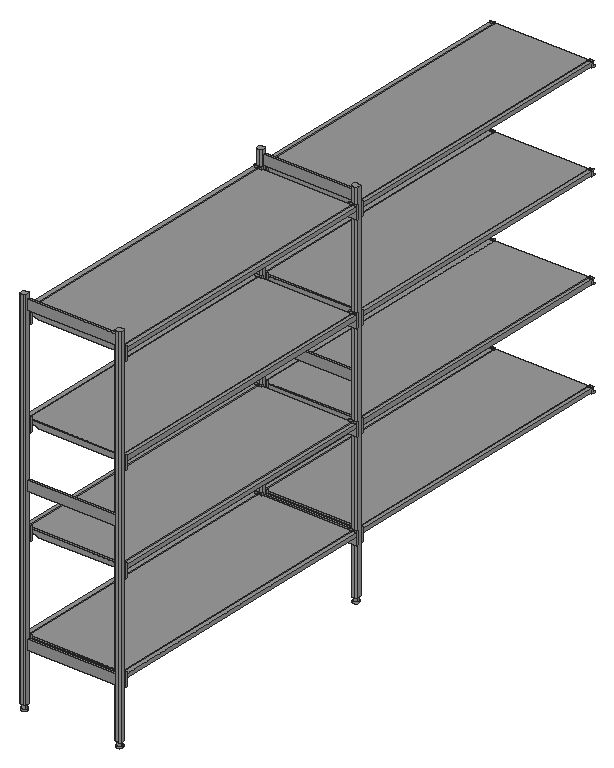
Revit family "QF_ZANUSSI_137088_CLS2728", category Attrezzature speciali, Revit 2020
Family settings
  Quota connettore circolare = Usa diametro
  Tipo di parte = Normale
  Basato su piano di lavoro = No
  Sempre verticale = Sì
  Taglio con vuoti quando caricato = No
  Condiviso = No
  Punto di calcolo locali = No
Parameters (values of type "Standard")
  Weight = 46.00 kg
  Watts = 0 W
  Volts = 0 V
  URL Manufacturer = "http://www.zanussiprofessional.com"
  URL = "http://www.zanussiprofessional.com"
  Steam Supply Size = 0 mm
  Steam Supply Minimum Pressure = 0.0 Pa
  Steam Supply Maximum Pressure = 0.0 Pa
  Steam Consumption per Hour = 0
  Refrigeration Suction Line Size = 0.0 mm
  Refrigeration Liquid Line Size = 0.0 mm
  Refrigerant Compressor Remote = yes
  Prospetto di default = 0.0 mm
  Phase = 0
  Modello = "CLS2728"
  Produttore = "Zanussi"
  Length Actual = 2732.0 mm  # constant formula
  Item Number = "137088"
  Hot Water Size = 0 mm
  Height Actual = 1700.0 mm  # constant formula
  HP = "0 HP"
  Gas Size = 0 mm
  Gas KW = 0
  Gas Input Pressure = 0 W
  Direct Waste Size = 0 mm
  Descrizione = "ALUM.CORNER SHELV.-POLY.TIERS-475X2732MM"
  Depth Actual = 475.0 mm  # constant formula
  Cycle = 0 Hz
  Condensate Return Size = 0 mm
  Compressed Air Volume = 0.0 L/s
  Compressed Air Size = 0 mm
  Compressed Air Pressure = 0.0 Pa
  Cold Water Size = 0 mm
  Accessory = yes
Reference planes
  plane 1: z = 0
  plane 2 "CenterLeft": y = -535.5
  plane 3 "FRONT": y = -921.5
  plane 4 "LEFT": x = 192.5
  plane 5 "RIGHT": x = 667.5
  plane 6 "TOP": z = 1700
  plane 7: y = -889.5
  plane 8: y = 440.5
  plane 9 "Center (Left/Back)": x = 430
  plane 10: x = 256
  plane 11: x = 668
  plane 12 "FEET": z = 25
  plane 13: z = 275
  plane 14: z = 725
  plane 15: z = 1175
  plane 16: z = 1625
  plane 17 "CXLeft": y = -907.5
  plane 18 "Center (Front/Back)": y = 458.5
  plane 19 "CYFront": x = 510
  plane 20: y = 1806.5
  plane 21: y = 476.5
  plane 22 "BACK": y = 1810.5
  plane 23 "LEFT_ORIGIN": x = 158.5
  plane 24 "BACK_ORIGIN": y = 2285.5
Forms (mm)
  Extrusion 1, solid, material "QF_Aluminum"
    sketch origin (38.022, -921.5, -4.006) x (-1, 0, 0) y (0, 0, 1)
      loop
        line (-189.5, 1637.003) -> (-173.5, 1637.003) -> (-173.5, 1655) -> (-175.493, 1655) -> (-175.493, 1648.501) -> (-608.5, 1648.501) -> (-608.5, 1655) -> (-610.5, 1655) -> (-610.5, 1637.003) -> (-594.5, 1637.003) -> (-560.5, 1625) -> (-223.5, 1625) -> (-189.5, 1637.003)
      loop
        line (-189.5, 1187.003) -> (-173.5, 1187.003) -> (-173.5, 1205) -> (-175.493, 1205) -> (-175.493, 1198.501) -> (-608.5, 1198.501) -> (-608.5, 1205) -> (-610.5, 1205) -> (-610.5, 1187.003) -> (-594.5, 1187.003) -> (-560.5, 1175) -> (-223.5, 1175) -> (-189.5, 1187.003)
      loop
        line (-189.5, 737.003) -> (-173.5, 737.003) -> (-173.5, 755) -> (-175.493, 755) -> (-175.493, 748.501) -> (-608.5, 748.501) -> (-608.5, 755) -> (-610.5, 755) -> (-610.5, 737.003) -> (-594.5, 737.003) -> (-560.5, 725) -> (-223.5, 725) -> (-189.5, 737.003)
      loop
        line (-189.5, 287.003) -> (-173.5, 287.003) -> (-173.5, 305) -> (-175.493, 305) -> (-175.493, 298.501) -> (-608.5, 298.501) -> (-608.5, 305) -> (-610.5, 305) -> (-610.5, 287.003) -> (-594.5, 287.003) -> (-560.5, 275) -> (-223.5, 275) -> (-189.5, 287.003)
    from 37 to 32
  Extrusion 2, solid, material "QF_Aluminum"
    sketch origin (38.022, -921.5, 0) x (-1, 0, 0) y (0, 0, 1)
      loop
        line (-154.478, 246.005) -> (-154.478, 307.993) -> (-190.471, 307.993) -> (-190.471, 246.005) -> (-154.478, 246.005)
      loop
        line (-593.484, 246.005) -> (-593.484, 307.993) -> (-629.478, 307.993) -> (-629.478, 246.005) -> (-593.484, 246.005)
      loop
        line (-154.478, 696.005) -> (-154.478, 757.993) -> (-190.471, 757.993) -> (-190.471, 696.005) -> (-154.478, 696.005)
      loop
        line (-593.484, 696.005) -> (-593.484, 757.993) -> (-629.478, 757.993) -> (-629.478, 696.005) -> (-593.484, 696.005)
      loop
        line (-154.478, 1146.005) -> (-154.478, 1207.993) -> (-190.471, 1207.993) -> (-190.471, 1146.005) -> (-154.478, 1146.005)
      loop
        line (-593.484, 1146.005) -> (-593.484, 1207.993) -> (-629.478, 1207.993) -> (-629.478, 1146.005) -> (-593.484, 1146.005)
      loop
        line (-154.478, 1596.005) -> (-154.478, 1657.993) -> (-190.471, 1657.993) -> (-190.471, 1596.005) -> (-154.478, 1596.005)
      loop
        line (-593.484, 1596.005) -> (-593.484, 1657.993) -> (-629.478, 1657.993) -> (-629.478, 1596.005) -> (-593.484, 1596.005)
    from 28 to 32
  Extrusion 3, solid, material "QF_Aluminum"
    sketch origin (38.022, -921.5, 0) x (-1, 0, 0) y (0, 0, 1)
      loop
        line (-154.5, 1650.994) -> (-173.5, 1650.994) -> (-173.5, 1632.998) -> (-154.5, 1632.998) -> (-154.5, 1650.994)
      loop
        line (-154.5, 1200.994) -> (-173.5, 1200.994) -> (-173.5, 1182.998) -> (-154.5, 1182.998) -> (-154.5, 1200.994)
      loop
        line (-154.5, 750.994) -> (-173.5, 750.994) -> (-173.5, 732.998) -> (-154.5, 732.998) -> (-154.5, 750.994)
      loop
        line (-154.5, 300.994) -> (-173.5, 300.994) -> (-173.5, 282.998) -> (-154.5, 282.998) -> (-154.5, 300.994)
      loop
        line (-629.455, 1650.994) -> (-629.455, 1632.998) -> (-610.455, 1632.998) -> (-610.455, 1650.994) -> (-629.455, 1650.994)
      loop
        line (-629.455, 1200.994) -> (-629.455, 1182.998) -> (-610.455, 1182.998) -> (-610.455, 1200.994) -> (-629.455, 1200.994)
      loop
        line (-629.455, 750.994) -> (-629.455, 732.998) -> (-610.455, 732.998) -> (-610.455, 750.994) -> (-629.455, 750.994)
      loop
        line (-629.455, 300.994) -> (-629.455, 282.998) -> (-610.455, 282.998) -> (-610.455, 300.994) -> (-629.455, 300.994)
    from 32 to 1362
  Extrusion 4, solid, material "QF_Polyethylene"
    sketch origin (38.022, -921.5, 0) x (-1, 0, 0) y (0, 0, 1)
      loop
        line (-175.493, 1650.994) -> (-608.5, 1650.994) -> (-608.5, 1644.496) -> (-175.493, 1644.496) -> (-175.493, 1650.994)
      loop
        line (-175.493, 1200.994) -> (-608.5, 1200.994) -> (-608.5, 1194.496) -> (-175.493, 1194.496) -> (-175.493, 1200.994)
      loop
        line (-175.493, 750.994) -> (-608.5, 750.994) -> (-608.5, 744.496) -> (-175.493, 744.496) -> (-175.493, 750.994)
      loop
        line (-175.493, 300.994) -> (-608.5, 300.994) -> (-608.5, 294.496) -> (-175.493, 294.496) -> (-175.493, 300.994)
    from 32 to 1362
  Extrusion 5, solid, material "QF_Aluminum"
    sketch origin (38.022, 684.5, 0) x (-1, 0, 0) y (0, 0, 1)
      loop
        line (-154.5, 1650.994) -> (-173.5, 1650.994) -> (-173.5, 1632.998) -> (-154.5, 1632.998) -> (-154.5, 1650.994)
      loop
        line (-610.455, 1650.994) -> (-629.455, 1650.994) -> (-629.455, 1632.998) -> (-610.455, 1632.998) -> (-610.455, 1650.994)
      loop
        line (-154.5, 1200.994) -> (-173.5, 1200.994) -> (-173.5, 1182.998) -> (-154.5, 1182.998) -> (-154.5, 1200.994)
      loop
        line (-610.455, 1200.994) -> (-629.455, 1200.994) -> (-629.455, 1182.998) -> (-610.455, 1182.998) -> (-610.455, 1200.994)
      loop
        line (-154.5, 750.994) -> (-173.5, 750.994) -> (-173.5, 732.998) -> (-154.5, 732.998) -> (-154.5, 750.994)
      loop
        line (-610.455, 750.994) -> (-629.455, 750.994) -> (-629.455, 732.998) -> (-610.455, 732.998) -> (-610.455, 750.994)
      loop
        line (-154.5, 300.994) -> (-173.5, 300.994) -> (-173.5, 282.998) -> (-154.5, 282.998) -> (-154.5, 300.994)
      loop
        line (-610.455, 300.994) -> (-629.455, 300.994) -> (-629.455, 282.998) -> (-610.455, 282.998) -> (-610.455, 300.994)
    from 1122 to -208
  Extrusion 6, solid, material "QF_Polyethylene"
    sketch origin (38.022, 684.5, 0) x (-1, 0, 0) y (0, 0, 1)
      loop
        line (-175.493, 1650.994) -> (-608.5, 1650.994) -> (-608.5, 1644.496) -> (-175.493, 1644.496) -> (-175.493, 1650.994)
      loop
        line (-175.493, 1200.994) -> (-608.5, 1200.994) -> (-608.5, 1194.496) -> (-175.493, 1194.496) -> (-175.493, 1200.994)
      loop
        line (-175.493, 750.994) -> (-608.5, 750.994) -> (-608.5, 744.496) -> (-175.493, 744.496) -> (-175.493, 750.994)
      loop
        line (-175.493, 300.994) -> (-608.5, 300.994) -> (-608.5, 294.496) -> (-175.493, 294.496) -> (-175.493, 300.994)
    from 1122 to -208
Lines and regions (mm)
  symbolic lines
    curve 1: line (256, -912.5, 1700) -> (668, -912.5, 1700)
    curve 2: line (668, -902.5, 1700) -> (256, -902.5, 1700)
    curve 3: line (192.5, -893.5, 1700) -> (192.5, 444.5, 1700)
    curve 4: line (667.5, -889.5, 1700) -> (667.5, 440.5, 1700)
    curve 5: line (192.5, 472.5, 1700) -> (192.5, 1810.5, 1700)
    curve 6: line (667.5, 472.5, 1700) -> (667.5, 1810.5, 1700)
    curve 7: line (648.478, 440.5, 1700) -> (648.478, -889.5, 1700)
    curve 8: line (211.522, -889.5, 1700) -> (211.522, 440.5, 1700)
    curve 9: line (211.522, 476.5, 1700) -> (211.522, 1806.5, 1700)
    curve 10: line (648.478, 1806.5, 1700) -> (648.478, 476.5, 1700)
Dimensions and locks
  plane 3 "FRONT" to plane 2 "CenterLeft" = 386.0 mm
  locked: plane 6 "TOP" to level at 1700
  locked: plane 7 to plane 8 at 1330
  locked: plane 10 to plane 11 at 412
  plane 10 to plane 9 "Center (Left/Back)" to plane 11 = 174.0 mm, 238.0 mm
  equal spacing: plane 4 "LEFT", plane 9 "Center (Left/Back)", plane 5 "RIGHT"
  plane 12 "FEET" to level = 25.0 mm
  plane 6 "TOP" to plane 12 "FEET" = 1675.0 mm
  plane 13 to plane 12 "FEET" = 250.0 mm
  plane 14 to plane 13 = 450.0 mm
  plane 15 to plane 14 = 450.0 mm
  plane 16 to plane 15 = 450.0 mm
  locked: plane 21 to plane 20 at 1330
  locked: plane 8 to plane 18 "Center (Front/Back)" at 18
  locked: plane 18 "Center (Front/Back)" to plane 21 at 18
  locked: plane 3 "FRONT" to plane 7 at 32
  locked: plane 4 "LEFT" to plane 5 "RIGHT" at 475
  locked: plane 23 "LEFT_ORIGIN" to plane 5 "RIGHT" at 509
  locked: plane 22 "BACK" to plane 24 "BACK_ORIGIN" at 475
  locked: plane 22 "BACK" to plane 3 "FRONT" at 2732
  aligned and locked: level to plane 1
  aligned and locked: Extrusion 1 to plane 7
  aligned and locked: plane 7 to Extrusion 2
  aligned and locked: Extrusion 4 to plane 7
  aligned and locked: plane 8 to Extrusion 4
  aligned and locked: Extrusion 3 to plane 7
  aligned and locked: plane 8 to Extrusion 3
  aligned and locked: Extrusion 1 sketch curve to Extrusion 1 sketch curve  (x3)
  aligned and locked: Extrusion 5 sketch curve to Extrusion 5 sketch curve  (x2)
  aligned and locked: Extrusion 5 to plane 21  (x5)
  aligned and locked: Extrusion 6 to plane 21  (x5)
  aligned and locked: nested 2 to plane 18 "Center (Front/Back)"
  aligned and locked: plane 17 "CXLeft" to nested 1
  aligned and locked: plane 7 to Extrusion 3  (x3)
  aligned and locked: Extrusion 3 to plane 8  (x4)
  aligned and locked: Extrusion 4 to plane 8  (x4)
  aligned and locked: plane 20 to Extrusion 5
  aligned and locked: plane 20 to Extrusion 6
  aligned and locked: Extrusion 5 to plane 20  (x3)
  aligned and locked: Extrusion 6 to plane 20  (x3)
  aligned and locked: plane 9 "Center (Left/Back)" to nested 2
  aligned and locked: nested 3 to plane 22 "BACK"
Automatic sketch dimensions
  Extrusion 1 sketch curve to plane 19 "CYFront" = 138.522 mm  (x4)
  plane 11 to Extrusion 1 sketch curve = 35.478 mm  (x4)
  Extrusion 1 sketch curve to plane 13 = 4.006 mm
  Extrusion 1 sketch curve to Extrusion 1 sketch curve = 34.0 mm  (x4)
  Extrusion 1 sketch curve to plane 14 = 4.006 mm
  Extrusion 1 sketch curve to plane 15 = 4.006 mm
  Extrusion 1 sketch curve to plane 16 = 4.006 mm
  Extrusion 1 sketch curve to plane 10 = 5.522 mm  (x4)
  plane 10 to Extrusion 1 sketch curve = 28.478 mm  (x4)
  plane 13 to Extrusion 1 sketch curve = 7.998 mm  (x2)
  Extrusion 1 sketch curve to Extrusion 1 sketch curve = 11.498 mm  (x4)
  Extrusion 1 sketch curve to Extrusion 1 sketch curve = 6.499 mm  (x8)
  plane 14 to Extrusion 1 sketch curve = 7.998 mm  (x2)
  plane 15 to Extrusion 1 sketch curve = 7.998 mm  (x2)
  plane 16 to Extrusion 1 sketch curve = 7.998 mm  (x2)
  plane 5 "RIGHT" to Extrusion 2 sketch curve = 35.993 mm  (x4)
  Extrusion 2 sketch curve to plane 4 "LEFT" = 0.0 mm  (x4)
  plane 11 to Extrusion 2 sketch curve = 0.5 mm  (x4)
  plane 10 to Extrusion 2 sketch curve = 27.507 mm  (x4)
  Extrusion 2 sketch curve to plane 13 = 28.995 mm  (x2)
  plane 13 to Extrusion 2 sketch curve = 32.993 mm  (x2)
  Extrusion 2 sketch curve to plane 14 = 28.995 mm  (x2)
  plane 14 to Extrusion 2 sketch curve = 32.993 mm  (x2)
  Extrusion 2 sketch curve to plane 15 = 28.995 mm  (x2)
  plane 15 to Extrusion 2 sketch curve = 32.993 mm  (x2)
  Extrusion 2 sketch curve to plane 16 = 28.995 mm  (x2)
  plane 16 to Extrusion 2 sketch curve = 32.993 mm  (x2)
  plane 13 to Extrusion 4 sketch curve = 19.496 mm
  Extrusion 4 sketch curve to Extrusion 4 sketch curve = 6.499 mm  (x4)
  plane 14 to Extrusion 4 sketch curve = 19.496 mm
  plane 15 to Extrusion 4 sketch curve = 19.496 mm
  plane 16 to Extrusion 4 sketch curve = 19.496 mm
  plane 5 "RIGHT" to Extrusion 5 sketch curve = 0.022 mm  (x4)
  Extrusion 5 sketch curve to plane 4 "LEFT" = 19.022 mm  (x4)
  Extrusion 5 sketch curve to plane 19 "CYFront" = 138.478 mm  (x2)
  plane 13 to Extrusion 5 sketch curve = 7.998 mm  (x2)
  Extrusion 5 sketch curve to Extrusion 5 sketch curve = 17.997 mm  (x8)
  plane 14 to Extrusion 5 sketch curve = 7.998 mm  (x2)
  plane 15 to Extrusion 5 sketch curve = 7.998 mm  (x2)
  plane 16 to Extrusion 5 sketch curve = 7.998 mm  (x2)
  Extrusion 6 sketch curve to plane 19 "CYFront" = 136.522 mm  (x4)
  plane 13 to Extrusion 6 sketch curve = 19.496 mm
  Extrusion 6 sketch curve to Extrusion 6 sketch curve = 6.499 mm  (x4)
  plane 14 to Extrusion 6 sketch curve = 19.496 mm
  plane 15 to Extrusion 6 sketch curve = 19.496 mm
  plane 16 to Extrusion 6 sketch curve = 19.496 mm
  plane 5 "RIGHT" to Extrusion 3 sketch curve = 0.022 mm  (x4)
  Extrusion 3 sketch curve to Extrusion 3 sketch curve = 19.0 mm  (x4)
  plane 14 to Extrusion 3 sketch curve = 7.998 mm  (x2)
  plane 10 to Extrusion 3 sketch curve = 44.478 mm  (x4)
  Extrusion 3 sketch curve to plane 4 "LEFT" = 0.022 mm  (x4)
  plane 13 to Extrusion 3 sketch curve = 25.994 mm  (x2)
  plane 13 to Extrusion 3 sketch curve = 7.998 mm  (x2)
  Extrusion 3 sketch curve to Extrusion 3 sketch curve = 17.997 mm  (x6)
  plane 15 to Extrusion 3 sketch curve = 7.998 mm  (x2)
  plane 16 to Extrusion 3 sketch curve = 7.998 mm  (x2)
  plane 10 to Extrusion 1 sketch curve = 42.484 mm  (x4)
  plane 10 to Extrusion 1 sketch curve = 44.478 mm  (x2)
  Extrusion 1 sketch curve to Extrusion 1 sketch curve = 1.993 mm  (x2)
  plane 10 to Extrusion 4 sketch curve = 42.484 mm  (x4)
  Extrusion 5 sketch curve to plane 4 "LEFT" = 0.022 mm  (x4)
  plane 10 to Extrusion 6 sketch curve = 42.484 mm  (x4)
  Extrusion 1 sketch curve to Extrusion 1 sketch curve = 2.0 mm
  plane 5 "RIGHT" to Extrusion 4 sketch curve = 20.978 mm  (x4)
  curve 1 to plane 11 = 0.0 mm
  curve 1 to plane 10 = 0.0 mm
  curve 2 to plane 10 = 0.0 mm
  curve 2 to plane 11 = 0.0 mm
  curve 3 to plane 4 "LEFT" = 0.0 mm
  curve 4 to plane 5 "RIGHT" = 0.0 mm
  plane 7 to curve 4 = 0.0 mm
  plane 7 to curve 8 = 0.0 mm
  plane 8 to curve 8 = 0.0 mm
  plane 8 to curve 7 = 0.0 mm
  plane 8 to curve 4 = 0.0 mm
  curve 5 to plane 4 "LEFT" = 0.0 mm
  curve 6 to plane 5 "RIGHT" = 0.0 mm
  plane 20 to curve 9 = 0.0 mm
  plane 22 "BACK" to curve 5 = 0.0 mm
  plane 22 "BACK" to curve 6 = 0.0 mm
  plane 7 to curve 3 = 4.0 mm
  plane 17 "CXLeft" to curve 2 = 5.0 mm
  curve 1 to plane 17 "CXLeft" = 5.0 mm
  curve 3 to plane 8 = 4.0 mm
  curve 6 to plane 21 = 4.0 mm
  curve 9 to plane 4 "LEFT" = 19.022 mm
  curve 8 to plane 4 "LEFT" = 19.022 mm
  curve 9 to plane 21 = 0.0 mm
  plane 21 to curve 10 = 0.0 mm
  curve 5 to plane 21 = 4.0 mm
  plane 7 to curve 7 = 0.0 mm
  curve 4 to curve 7 = 19.022 mm
  plane 20 to curve 10 = 0.0 mm
  plane 5 "RIGHT" to curve 10 = 19.022 mm
Nested families
  nested 1: "WT_Anta475" at (215.5, -504.5, 0) x (0, 1, 0) z (0, 0, 1), type "WT_Anta475"
  nested 2: "WT_Anta475Center" at (215.5, 861.5, 0) x (0, 1, 0) z (0, 0, 1), type "WT_Anta475Center"
  nested 3: "WT_Aggancio475" at (215.5, 2218.5, 0) x (0, 1, 0) z (0, 0, 1), type "WT_Aggancio475"
Definition of nested family "WT_Anta475"
  Parameters
    WidthLeft = A + 64.0 mm  # 772.0 mm
    Width = 1606.0 mm
    Right = WidthLeft / 2  # 386.0 mm
    Default Elevation = 0.0 mm
    Left = -WidthLeft / 2  # -386.0 mm
    Height = 1725.0 mm
    FEET = 25.0 mm
    E = 0.0 mm
    Dint = Depth - 63.0 mm  # 412.0 mm
    Dext = Depth - 8.0 mm  # 467.0 mm
    Depth = 475.0 mm
    DX = (WidthLeft - A) / 2  # 32.0 mm
    B = 798.0 mm
    A = 708.0 mm
  Reference planes
    plane 1: z = 0
    plane 2 "LEFT": x = -417
    plane 3 "BACK": y = 23
    plane 4 "FRONT": y = -452
    plane 5 "TOP": z = 1725
    plane 6 "Center (Front/Back)": y = -214.5
    plane 7: y = -8.5
    plane 8: y = -420.5
    plane 9 "FEET": z = 25
    plane 10: z = 275
    plane 11: z = 725
    plane 12: z = 1175
    plane 13: z = 1625
    plane 14 "CXLeft": x = -403
    plane 15: y = 5.5
    plane 16 "CYBack": y = 5.5
    plane 17 "CYFront": y = -434.5
    plane 18: x = -385.031
    plane 19: x = -380.031
  Forms (mm)
    Extrusion 1, solid
      sketch origin (0, 0, 0) x (1, 0, 0) y (0, 1, 0)
        loop
          line (-417, 13.246) -> (-417, -2.246) -> (-410.746, -8.5) -> (-395.254, -8.5) -> (-389, -2.246) -> (-389, 13.246) -> (-395.254, 19.5) -> (-410.746, 19.5) -> (-417, 13.246)
      from 1725 to 25
    Extrusion 2, solid
      sketch origin (-417, 0, 0) x (0, 1, 0) y (0, 0, 1)
        loop
          line (23, 246.005) -> (23, 307.993) -> (-12.993, 307.993) -> (-12.993, 246.005) -> (23, 246.005)
        loop
          line (-452, 246.005) -> (-416.007, 246.005) -> (-416.007, 307.993) -> (-452, 307.993) -> (-452, 246.005)
        loop
          line (23, 696.005) -> (23, 757.993) -> (-12.993, 757.993) -> (-12.993, 696.005) -> (23, 696.005)
        loop
          line (-452, 696.005) -> (-416.007, 696.005) -> (-416.007, 757.993) -> (-452, 757.993) -> (-452, 696.005)
        loop
          line (23, 1146.005) -> (23, 1207.993) -> (-12.993, 1207.993) -> (-12.993, 1146.005) -> (23, 1146.005)
        loop
          line (-452, 1146.005) -> (-416.007, 1146.005) -> (-416.007, 1207.993) -> (-452, 1207.993) -> (-452, 1146.005)
        loop
          line (23, 1596.005) -> (23, 1657.993) -> (-12.993, 1657.993) -> (-12.993, 1596.005) -> (23, 1596.005)
        loop
          line (-452, 1596.005) -> (-416.007, 1596.005) -> (-416.007, 1657.993) -> (-452, 1657.993) -> (-452, 1596.005)
      from 28 to 32
    Revolve 3, solid
      sketch origin (-403, 0, 0) x (0, 1, 0) y (0, 0, 1)
        loop
          line (5.5, 25) -> (5.5, 0) -> (19, 0) -> (19, 5) -> (14, 5) -> (14, 25) -> (5.5, 25)
        axis (5.5, 25) -> (5.5, 0)
      angle from 0 to 360
    Extrusion 4, solid
      sketch origin (-403, 0, 0) x (0, 1, 0) y (0, 0, 1)
        loop
          line (-8.5, 912.382) -> (-8.5, 957.374) -> (-420.5, 957.374) -> (-420.5, 912.382) -> (-8.5, 912.382)
        loop
          line (-8.5, 1662.244) -> (-8.5, 1707.236) -> (-420.5, 1707.236) -> (-420.5, 1662.244) -> (-8.5, 1662.244)
      from -5 to 5
    Revolve 5, solid
      sketch origin (-403, -627, 0) x (0, -1, 0) y (0, 0, 1)
        loop
          line (-192.5, 25) -> (-192.5, 0) -> (-179, 0) -> (-179, 5) -> (-184, 5) -> (-184, 25) -> (-192.5, 25)
        axis (-192.5, 25) -> (-192.5, 0)
      angle from 0 to 360
    Extrusion 6, solid
      sketch origin (0, -627, 0) x (1, 0, 0) y (0, 1, 0)
        loop
          line (-417, 184.754) -> (-410.746, 178.5) -> (-395.254, 178.5) -> (-389, 184.754) -> (-389, 200.246) -> (-395.254, 206.5) -> (-410.746, 206.5) -> (-417, 200.246) -> (-417, 184.754)
      from 1725 to 25
    Extrusion 7, solid
      sketch origin (-417.031, -0.022, 0) x (0, 1, 0) y (0, 0, -1)
        loop
          line (-12, -1632.998) -> (-46, -1620.994) -> (-383, -1620.994) -> (-417, -1632.998) -> (-433, -1632.998) -> (-433, -1650.994) -> (-431, -1650.994) -> (-431, -1644.496) -> (2.007, -1644.496) -> (2.007, -1650.994) -> (4, -1650.994) -> (4, -1632.998) -> (-12, -1632.998)
        loop
          line (-12, -1182.998) -> (-46, -1170.994) -> (-383, -1170.994) -> (-417, -1182.998) -> (-433, -1182.998) -> (-433, -1200.994) -> (-431, -1200.994) -> (-431, -1194.496) -> (2.007, -1194.496) -> (2.007, -1200.994) -> (4, -1200.994) -> (4, -1182.998) -> (-12, -1182.998)
        loop
          line (-12, -732.998) -> (-46, -720.994) -> (-383, -720.994) -> (-417, -732.998) -> (-433, -732.998) -> (-433, -750.994) -> (-431, -750.994) -> (-431, -744.496) -> (2.007, -744.496) -> (2.007, -750.994) -> (4, -750.994) -> (4, -732.998) -> (-12, -732.998)
        loop
          line (-12, -282.998) -> (-46, -270.994) -> (-383, -270.994) -> (-417, -282.998) -> (-433, -282.998) -> (-433, -300.994) -> (-431, -300.994) -> (-431, -294.496) -> (2.007, -294.496) -> (2.007, -300.994) -> (4, -300.994) -> (4, -282.998) -> (-12, -282.998)
      from -32 to -37
    Extrusion 8, solid
      sketch origin (-403, 0, -659.878) x (0, 1, 0) y (0, 0, 1)
        loop
          line (-8.5, 912.382) -> (-8.5, 957.374) -> (-420.5, 957.374) -> (-420.5, 912.382) -> (-8.5, 912.382)
        loop
          line (-8.5, 1572.382) -> (-8.5, 1617.374) -> (-420.5, 1617.374) -> (-420.5, 1572.382) -> (-8.5, 1572.382)
        loop
          line (-8.5, 2322.382) -> (-8.5, 2367.374) -> (-420.5, 2367.374) -> (-420.5, 2322.382) -> (-8.5, 2322.382)
      from -5 to 5
  Lines and regions (mm)
    symbolic lines
      curve 1: line (-408, -8.5, 1725) -> (-408, -420.5, 1725)
      curve 2: line (-398, -420.5, 1725) -> (-398, -8.5, 1725)
      curve 3: line (-395.254, -8.5, 1725) -> (-410.746, -8.5, 1725)
      curve 4: line (-417, -2.246, 1725) -> (-410.746, -8.5, 1725)
      curve 5: line (-417, 13.246, 1725) -> (-417, -2.246, 1725)
      curve 6: line (-410.746, 19.5, 1725) -> (-417, 13.246, 1725)
      curve 7: line (-395.254, 19.5, 1725) -> (-410.746, 19.5, 1725)
      curve 8: line (-389, 13.246, 1725) -> (-395.254, 19.5, 1725)
      curve 9: line (-395.254, -8.5, 1725) -> (-389, -2.246, 1725)
      curve 10: line (-395.254, -420.5, 1725) -> (-410.746, -420.5, 1725)
      curve 11: line (-417, -426.754, 1725) -> (-410.746, -420.5, 1725)
      curve 12: line (-410.746, -448.5, 1725) -> (-417, -442.246, 1725)
      curve 13: line (-395.254, -448.5, 1725) -> (-410.746, -448.5, 1725)
      curve 14: line (-389, -442.246, 1725) -> (-395.254, -448.5, 1725)
      curve 15: line (-395.254, -420.5, 1725) -> (-389, -426.754, 1725)
      curve 16: line (-389, -452, 1725) -> (-389, -416.007, 1725)
      curve 17: line (-389, -416.007, 1725) -> (-385, -416.007, 1725)
      curve 18: line (-389, 23, 1725) -> (-389, -12.993, 1725)
      curve 19: line (-389, -12.993, 1725) -> (-385, -12.993, 1725)
      curve 20: line (-417, -426.754, 1725) -> (-417, -442.246, 1725)
      curve 21: line (-385, -452, 1725) -> (-385, -416.007, 1725)
      curve 22: line (-385, -452, 1725) -> (-389, -452, 1725)
      curve 23: line (-385, 23, 1725) -> (-389, 23, 1725)
      curve 24: line (-385, -12.993, 1725) -> (-385, 23, 1725)
      curve 25: line (-385.031, -13.016, 1725) -> (-385.031, -416.029, 1725)
  Dimensions and locks
    "Height": plane 5 "TOP" to level
    "Depth": plane 3 "BACK" to plane 4 "FRONT"
    "Dint": plane 7 to plane 8
    equal spacing: plane 7, plane 6 "Center (Front/Back)", plane 8
    equal spacing: plane 3 "BACK", plane 6 "Center (Front/Back)", plane 4 "FRONT"
    plane 9 "FEET" to level = 25.0 mm
    plane 5 "TOP" to plane 9 "FEET" = 1700.0 mm
    plane 10 to plane 9 "FEET" = 250.0 mm
    plane 11 to plane 10 = 450.0 mm
    plane 12 to plane 11 = 450.0 mm
    plane 13 to plane 12 = 450.0 mm
    locked: plane 2 "LEFT" to plane 14 "CXLeft" at 14
    locked: plane 3 "BACK" to plane 16 "CYBack" at 17.5
    locked: plane 17 "CYFront" to plane 4 "FRONT" at 17.5
    locked: Revolve 3 sketch curve to Revolve 3 sketch curve at 8.5
    locked: Revolve 3 sketch curve to plane 16 "CYBack" at 13.5
    locked: Revolve 5 sketch curve to Revolve 5 sketch curve at 8.5
    aligned and locked: level to plane 1
    aligned and locked: curve 20 to Extrusion 6
    aligned and locked: plane 5 "TOP" to Extrusion 1
    aligned and locked: plane 5 "TOP" to Extrusion 6
    aligned and locked: Extrusion 7 sketch curve to Extrusion 7 sketch curve  (x3)
  Automatic sketch dimensions
    curve 16 to plane 4 "FRONT" = 0.0 mm
    curve 11 to plane 8 = 0.0 mm
    curve 9 to plane 7 = 0.0 mm
    curve 5 to plane 2 "LEFT" = 0.0 mm
    curve 23 to plane 3 "BACK" = 0.0 mm
    plane 4 "FRONT" to curve 13 = 3.5 mm
    curve 20 to plane 17 "CYFront" = 7.746 mm
    curve 20 to plane 8 = 6.254 mm
    plane 8 to curve 16 = 4.493 mm
    curve 24 to plane 18 = 0.031 mm
    curve 24 to plane 7 = 4.493 mm
    plane 7 to curve 5 = 6.254 mm
    curve 5 to plane 15 = 7.746 mm
    curve 6 to plane 3 "BACK" = 3.5 mm
    curve 21 to plane 18 = 0.031 mm
    plane 18 to curve 23 = 3.969 mm
    plane 18 to curve 16 = 3.969 mm
    curve 18 to curve 8 = 6.254 mm
    curve 18 to curve 3 = 6.254 mm
    curve 16 to curve 13 = 6.254 mm
    curve 16 to curve 15 = 6.254 mm
    plane 2 "LEFT" to curve 10 = 6.254 mm
    plane 2 "LEFT" to curve 7 = 6.254 mm
    plane 2 "LEFT" to curve 12 = 6.254 mm
    plane 2 "LEFT" to curve 3 = 6.254 mm
    curve 14 to plane 17 "CYFront" = 7.746 mm
    curve 15 to plane 8 = 6.254 mm
    plane 7 to curve 9 = 6.254 mm
    curve 8 to plane 15 = 7.746 mm
    curve 3 to curve 2 = 2.746 mm
    curve 1 to curve 10 = 2.746 mm
    Extrusion 1 sketch curve to plane 2 "LEFT" = 0.0 mm
    Extrusion 1 sketch curve to plane 7 = 0.0 mm
    plane 2 "LEFT" to Extrusion 1 sketch curve = 6.254 mm  (x2)
    plane 14 "CXLeft" to Extrusion 1 sketch curve = 7.746 mm  (x2)
    Extrusion 1 sketch curve to plane 3 "BACK" = 3.5 mm
    plane 18 to Extrusion 1 sketch curve = 3.969 mm
    plane 7 to Extrusion 1 sketch curve = 6.254 mm  (x2)
    Extrusion 1 sketch curve to plane 15 = 7.746 mm  (x2)
    Extrusion 2 sketch curve to plane 4 "FRONT" = 0.0 mm  (x4)
    Extrusion 2 sketch curve to plane 3 "BACK" = 0.0 mm  (x4)
    plane 8 to Extrusion 2 sketch curve = 4.493 mm  (x4)
    Extrusion 2 sketch curve to plane 7 = 4.493 mm  (x4)
    Extrusion 2 sketch curve to plane 10 = 28.995 mm  (x2)
    plane 10 to Extrusion 2 sketch curve = 32.993 mm  (x2)
    Extrusion 2 sketch curve to plane 11 = 28.995 mm  (x2)
    plane 11 to Extrusion 2 sketch curve = 32.993 mm  (x2)
    Extrusion 2 sketch curve to plane 12 = 28.995 mm  (x2)
    plane 12 to Extrusion 2 sketch curve = 32.993 mm  (x2)
    Extrusion 2 sketch curve to plane 13 = 28.995 mm  (x2)
    plane 13 to Extrusion 2 sketch curve = 32.993 mm  (x2)
    Revolve 3 sketch curve to plane 9 "FEET" = 0.0 mm  (x2)
    Revolve 3 sketch curve to plane 15 = 0.0 mm  (x2)
    Revolve 3 sketch curve to level = 0.0 mm
    level to Revolve 3 sketch curve = 5.0 mm
    Revolve 3 sketch curve to Revolve 3 sketch curve = 11.655 mm
    Extrusion 4 sketch curve to plane 8 = 0.0 mm  (x2)
    Extrusion 4 sketch curve to plane 7 = 0.0 mm  (x2)
    plane 11 to Extrusion 4 sketch curve = 187.382 mm
    Extrusion 4 sketch curve to Extrusion 4 sketch curve = 44.992 mm
    plane 13 to Extrusion 4 sketch curve = 37.244 mm
    Extrusion 4 sketch curve to plane 5 "TOP" = 17.764 mm
    Revolve 5 sketch curve to plane 9 "FEET" = 0.0 mm  (x2)
    Revolve 5 sketch curve to plane 17 "CYFront" = 0.0 mm  (x2)
    Revolve 5 sketch curve to level = 0.0 mm
    Revolve 5 sketch curve to plane 4 "FRONT" = 4.0 mm
    Revolve 5 sketch curve to Revolve 5 sketch curve = 5.0 mm
    level to Revolve 5 sketch curve = 11.655 mm
    Extrusion 6 sketch curve to plane 2 "LEFT" = 0.0 mm
    Extrusion 6 sketch curve to plane 8 = 0.0 mm
    Extrusion 6 sketch curve to plane 2 "LEFT" = 6.254 mm  (x2)
    Extrusion 6 sketch curve to plane 14 "CXLeft" = 7.746 mm  (x2)
    Extrusion 6 sketch curve to plane 4 "FRONT" = 3.5 mm
    Extrusion 6 sketch curve to plane 18 = 3.969 mm
    plane 8 to Extrusion 6 sketch curve = 6.254 mm  (x2)
    plane 17 "CYFront" to Extrusion 6 sketch curve = 7.746 mm  (x2)
    plane 17 "CYFront" to Extrusion 7 sketch curve = 1.478 mm  (x4)
    Extrusion 7 sketch curve to Extrusion 7 sketch curve = 2.0 mm
    plane 8 to Extrusion 7 sketch curve = 3.478 mm  (x4)
    Extrusion 7 sketch curve to plane 10 = 4.006 mm
    Extrusion 7 sketch curve to Extrusion 7 sketch curve = 34.0 mm  (x4)
    Extrusion 7 sketch curve to plane 11 = 4.006 mm
    Extrusion 7 sketch curve to plane 12 = 4.006 mm
    Extrusion 7 sketch curve to plane 13 = 4.006 mm
    Extrusion 7 sketch curve to plane 7 = 37.522 mm  (x4)
    Extrusion 7 sketch curve to plane 7 = 3.522 mm  (x4)
    plane 15 to Extrusion 7 sketch curve = 3.516 mm  (x4)
    plane 15 to Extrusion 7 sketch curve = 1.522 mm  (x4)
    plane 13 to Extrusion 7 sketch curve = 7.998 mm  (x2)
    Extrusion 7 sketch curve to Extrusion 7 sketch curve = 11.498 mm
    Extrusion 7 sketch curve to Extrusion 7 sketch curve = 6.499 mm  (x5)
    plane 12 to Extrusion 7 sketch curve = 25.994 mm  (x2)
    plane 12 to Extrusion 7 sketch curve = 7.998 mm  (x2)
    plane 11 to Extrusion 7 sketch curve = 25.994 mm  (x2)
    plane 11 to Extrusion 7 sketch curve = 7.998 mm  (x2)
    plane 10 to Extrusion 7 sketch curve = 25.994 mm  (x2)
    plane 10 to Extrusion 7 sketch curve = 7.998 mm  (x2)
    curve 25 to plane 18 = 0.0 mm
    plane 8 to curve 25 = 4.471 mm
    curve 25 to plane 7 = 4.516 mm
    Extrusion 8 sketch curve to plane 8 = 0.0 mm  (x3)
    Extrusion 8 sketch curve to plane 7 = 0.0 mm  (x3)
    Extrusion 8 sketch curve to plane 10 = 22.496 mm
    plane 10 to Extrusion 8 sketch curve = 22.496 mm
    plane 11 to Extrusion 8 sketch curve = 187.504 mm
    Extrusion 8 sketch curve to Extrusion 8 sketch curve = 44.992 mm
    plane 13 to Extrusion 8 sketch curve = 37.504 mm
    Extrusion 8 sketch curve to plane 5 "TOP" = 17.504 mm
Definition of nested family "WT_Anta475Center"
  Parameters
    WidthLeft = A + 64.0 mm  # 772.0 mm
    Width = 1606.0 mm
    Right = WidthLeft / 2  # 386.0 mm
    Default Elevation = 0.0 mm
    Left = -WidthLeft / 2  # -386.0 mm
    Height = 1725.0 mm
    FEET = 25.0 mm
    E = 0.0 mm
    Dint = Depth - 63.0 mm  # 412.0 mm
    Dext = Depth - 8.0 mm  # 467.0 mm
    Depth = 475.0 mm
    DX = (WidthLeft - A) / 2  # 32.0 mm
    B = 798.0 mm
    A = 708.0 mm
  Reference planes
    plane 1: z = 0
    plane 2 "L": x = -417
    plane 3 "BACK": y = 23
    plane 4 "FRONT": y = -452
    plane 5 "TOP": z = 1725
    plane 6 "Center (Front/Back)": y = -214.5
    plane 7: y = -8.5
    plane 8: y = -420.5
    plane 9 "FEET": z = 25
    plane 10: z = 275
    plane 11: z = 725
    plane 12: z = 1175
    plane 13: z = 1625
    plane 14 "CXLeft": x = -403
    plane 15: y = 5.5
    plane 16 "CYBack": y = 5.5
    plane 17 "CYFront": y = -434.5
    plane 18: x = -385.031
    plane 19 "RIGHT": x = -380.031
    plane 20: x = -420.969
    plane 21 "LEFT": x = -425.969
  Forms (mm)
    Extrusion 1, solid
      sketch origin (0, 0, 0) x (1, 0, 0) y (0, 1, 0)
        loop
          line (-417, 13.246) -> (-417, -2.246) -> (-410.746, -8.5) -> (-395.254, -8.5) -> (-389, -2.246) -> (-389, 13.246) -> (-395.254, 19.5) -> (-410.746, 19.5) -> (-417, 13.246)
      from 1725 to 25
    Extrusion 2, solid
      sketch origin (-417, 0, 0) x (0, 1, 0) y (0, 0, 1)
        loop
          line (23, 246.005) -> (23, 307.993) -> (-12.993, 307.993) -> (-12.993, 246.005) -> (23, 246.005)
        loop
          line (-452, 246.005) -> (-416.007, 246.005) -> (-416.007, 307.993) -> (-452, 307.993) -> (-452, 246.005)
        loop
          line (23, 696.005) -> (23, 757.993) -> (-12.993, 757.993) -> (-12.993, 696.005) -> (23, 696.005)
        loop
          line (-452, 696.005) -> (-416.007, 696.005) -> (-416.007, 757.993) -> (-452, 757.993) -> (-452, 696.005)
        loop
          line (23, 1146.005) -> (23, 1207.993) -> (-12.993, 1207.993) -> (-12.993, 1146.005) -> (23, 1146.005)
        loop
          line (-452, 1146.005) -> (-416.007, 1146.005) -> (-416.007, 1207.993) -> (-452, 1207.993) -> (-452, 1146.005)
        loop
          line (23, 1596.005) -> (23, 1657.993) -> (-12.993, 1657.993) -> (-12.993, 1596.005) -> (23, 1596.005)
        loop
          line (-452, 1596.005) -> (-416.007, 1596.005) -> (-416.007, 1657.993) -> (-452, 1657.993) -> (-452, 1596.005)
      from 28 to 32
    Revolve 3, solid
      sketch origin (-403, 0, 0) x (0, 1, 0) y (0, 0, 1)
        loop
          line (5.5, 25) -> (5.5, 0) -> (19, 0) -> (19, 5) -> (14, 5) -> (14, 25) -> (5.5, 25)
        axis (5.5, 25) -> (5.5, 0)
      angle from 0 to 360
    Extrusion 4, solid
      sketch origin (-403, 0, 0) x (0, 1, 0) y (0, 0, 1)
        loop
          line (-8.5, 912.382) -> (-8.5, 957.374) -> (-420.5, 957.374) -> (-420.5, 912.382) -> (-8.5, 912.382)
        loop
          line (-8.5, 1662.244) -> (-8.5, 1707.236) -> (-420.5, 1707.236) -> (-420.5, 1662.244) -> (-8.5, 1662.244)
      from -5 to 5
    Revolve 5, solid
      sketch origin (-403, -627, 0) x (0, -1, 0) y (0, 0, 1)
        loop
          line (-192.5, 25) -> (-192.5, 0) -> (-179, 0) -> (-179, 5) -> (-184, 5) -> (-184, 25) -> (-192.5, 25)
        axis (-192.5, 25) -> (-192.5, 0)
      angle from 0 to 360
    Extrusion 6, solid
      sketch origin (0, -627, 0) x (1, 0, 0) y (0, 1, 0)
        loop
          line (-417, 184.754) -> (-410.746, 178.5) -> (-395.254, 178.5) -> (-389, 184.754) -> (-389, 200.246) -> (-395.254, 206.5) -> (-410.746, 206.5) -> (-417, 200.246) -> (-417, 184.754)
      from 1725 to 25
    Extrusion 7, solid
      sketch origin (-417.031, -0.022, 0) x (0, 1, 0) y (0, 0, -1)
        loop
          line (-12, -1632.998) -> (-46, -1620.994) -> (-383, -1620.994) -> (-417, -1632.998) -> (-433, -1632.998) -> (-433, -1650.994) -> (-431, -1650.994) -> (-431, -1644.496) -> (2.007, -1644.496) -> (2.007, -1650.994) -> (4, -1650.994) -> (4, -1632.998) -> (-12, -1632.998)
        loop
          line (-12, -1182.998) -> (-46, -1170.994) -> (-383, -1170.994) -> (-417, -1182.998) -> (-433, -1182.998) -> (-433, -1200.994) -> (-431, -1200.994) -> (-431, -1194.496) -> (2.007, -1194.496) -> (2.007, -1200.994) -> (4, -1200.994) -> (4, -1182.998) -> (-12, -1182.998)
        loop
          line (-12, -732.998) -> (-46, -720.994) -> (-383, -720.994) -> (-417, -732.998) -> (-433, -732.998) -> (-433, -750.994) -> (-431, -750.994) -> (-431, -744.496) -> (2.007, -744.496) -> (2.007, -750.994) -> (4, -750.994) -> (4, -732.998) -> (-12, -732.998)
        loop
          line (-12, -282.998) -> (-46, -270.994) -> (-383, -270.994) -> (-417, -282.998) -> (-433, -282.998) -> (-433, -300.994) -> (-431, -300.994) -> (-431, -294.496) -> (2.007, -294.496) -> (2.007, -300.994) -> (4, -300.994) -> (4, -282.998) -> (-12, -282.998)
      from -32 to -37
    Extrusion 8, solid
      sketch origin (-403, 0, -659.878) x (0, 1, 0) y (0, 0, 1)
        loop
          line (-8.5, 912.382) -> (-8.5, 957.374) -> (-420.5, 957.374) -> (-420.5, 912.382) -> (-8.5, 912.382)
        loop
          line (-8.5, 1572.382) -> (-8.5, 1617.374) -> (-420.5, 1617.374) -> (-420.5, 1572.382) -> (-8.5, 1572.382)
        loop
          line (-8.5, 2322.382) -> (-8.5, 2367.374) -> (-420.5, 2367.374) -> (-420.5, 2322.382) -> (-8.5, 2322.382)
      from -5 to 5
    Extrusion 9, solid
      sketch origin (-389, 0, 0) x (0, 1, 0) y (0, 0, -1)
        loop
          line (23, -246.005) -> (-12.993, -246.005) -> (-12.993, -307.993) -> (23, -307.993) -> (23, -246.005)
        loop
          line (-452, -246.005) -> (-452, -307.993) -> (-416.007, -307.993) -> (-416.007, -246.005) -> (-452, -246.005)
        loop
          line (23, -696.005) -> (-12.993, -696.005) -> (-12.993, -757.993) -> (23, -757.993) -> (23, -696.005)
        loop
          line (-452, -696.005) -> (-452, -757.993) -> (-416.007, -757.993) -> (-416.007, -696.005) -> (-452, -696.005)
        loop
          line (23, -1146.005) -> (-12.993, -1146.005) -> (-12.993, -1207.993) -> (23, -1207.993) -> (23, -1146.005)
        loop
          line (-452, -1146.005) -> (-452, -1207.993) -> (-416.007, -1207.993) -> (-416.007, -1146.005) -> (-452, -1146.005)
        loop
          line (23, -1596.005) -> (-12.993, -1596.005) -> (-12.993, -1657.993) -> (23, -1657.993) -> (23, -1596.005)
        loop
          line (-452, -1596.005) -> (-452, -1657.993) -> (-416.007, -1657.993) -> (-416.007, -1596.005) -> (-452, -1596.005)
      from 28 to 32
    Extrusion 10, solid
      sketch origin (-388.969, -0.022, 0) x (0, 1, 0) y (0, 0, 1)
        loop
          line (-12, 1632.998) -> (4, 1632.998) -> (4, 1650.994) -> (2.007, 1650.994) -> (2.007, 1644.496) -> (-431, 1644.496) -> (-431, 1650.994) -> (-433, 1650.994) -> (-433, 1632.998) -> (-417, 1632.998) -> (-383, 1620.994) -> (-46, 1620.994) -> (-12, 1632.998)
        loop
          line (-12, 1182.998) -> (4, 1182.998) -> (4, 1200.994) -> (2.007, 1200.994) -> (2.007, 1194.496) -> (-431, 1194.496) -> (-431, 1200.994) -> (-433, 1200.994) -> (-433, 1182.998) -> (-417, 1182.998) -> (-383, 1170.994) -> (-46, 1170.994) -> (-12, 1182.998)
        loop
          line (-12, 732.998) -> (4, 732.998) -> (4, 750.994) -> (2.007, 750.994) -> (2.007, 744.496) -> (-431, 744.496) -> (-431, 750.994) -> (-433, 750.994) -> (-433, 732.998) -> (-417, 732.998) -> (-383, 720.994) -> (-46, 720.994) -> (-12, 732.998)
        loop
          line (-12, 282.998) -> (4, 282.998) -> (4, 300.994) -> (2.007, 300.994) -> (2.007, 294.496) -> (-431, 294.496) -> (-431, 300.994) -> (-433, 300.994) -> (-433, 282.998) -> (-417, 282.998) -> (-383, 270.994) -> (-46, 270.994) -> (-12, 282.998)
      from -32 to -37
  Lines and regions (mm)
    symbolic lines
      curve 1: line (-408, -8.5, 1725) -> (-408, -420.5, 1725)
      curve 2: line (-398, -420.5, 1725) -> (-398, -8.5, 1725)
      curve 3: line (-395.254, -8.5, 1725) -> (-410.746, -8.5, 1725)
      curve 4: line (-417, -2.246, 1725) -> (-410.746, -8.5, 1725)
      curve 5: line (-410.746, 19.5, 1725) -> (-417, 13.246, 1725)
      curve 6: line (-395.254, 19.5, 1725) -> (-410.746, 19.5, 1725)
      curve 7: line (-389, 13.246, 1725) -> (-395.254, 19.5, 1725)
      curve 8: line (-395.254, -8.5, 1725) -> (-389, -2.246, 1725)
      curve 9: line (-395.254, -420.5, 1725) -> (-410.746, -420.5, 1725)
      curve 10: line (-417, -426.754, 1725) -> (-410.746, -420.5, 1725)
      curve 11: line (-410.746, -448.5, 1725) -> (-417, -442.246, 1725)
      curve 12: line (-395.254, -448.5, 1725) -> (-410.746, -448.5, 1725)
      curve 13: line (-389, -442.246, 1725) -> (-395.254, -448.5, 1725)
      curve 14: line (-395.254, -420.5, 1725) -> (-389, -426.754, 1725)
      curve 15: line (-389, -452, 1725) -> (-389, -416.007, 1725)
      curve 16: line (-389, -416.007, 1725) -> (-385, -416.007, 1725)
      curve 17: line (-389, 23, 1725) -> (-389, -12.993, 1725)
      curve 18: line (-389, -12.993, 1725) -> (-385, -12.993, 1725)
      curve 19: line (-385, -452, 1725) -> (-385, -416.007, 1725)
      curve 20: line (-385, -452, 1725) -> (-389, -452, 1725)
      curve 21: line (-385, 23, 1725) -> (-389, 23, 1725)
      curve 22: line (-385, -12.993, 1725) -> (-385, 23, 1725)
      curve 23: line (-385.031, -13.016, 1725) -> (-385.031, -416.029, 1725)
      curve 24: line (-417, -452, 1725) -> (-417, -416.007, 1725)
      curve 25: line (-417, -416.007, 1725) -> (-421, -416.007, 1725)
      curve 26: line (-417, 23, 1725) -> (-417, -12.993, 1725)
      curve 27: line (-417, -12.993, 1725) -> (-421, -12.993, 1725)
      curve 28: line (-421, -452, 1725) -> (-421, -416.007, 1725)
      curve 29: line (-421, -452, 1725) -> (-417, -452, 1725)
      curve 30: line (-421, 23, 1725) -> (-417, 23, 1725)
      curve 31: line (-421, -12.993, 1725) -> (-421, 23, 1725)
      curve 32: line (-420.969, -13.016, 1725) -> (-420.969, -416.029, 1725)
  Dimensions and locks
    "Height": plane 5 "TOP" to level
    "Depth": plane 3 "BACK" to plane 4 "FRONT"
    "Dint": plane 7 to plane 8
    equal spacing: plane 7, plane 6 "Center (Front/Back)", plane 8
    equal spacing: plane 3 "BACK", plane 6 "Center (Front/Back)", plane 4 "FRONT"
    plane 9 "FEET" to level = 25.0 mm
    plane 5 "TOP" to plane 9 "FEET" = 1700.0 mm
    plane 10 to plane 9 "FEET" = 250.0 mm
    plane 11 to plane 10 = 450.0 mm
    plane 12 to plane 11 = 450.0 mm
    plane 13 to plane 12 = 450.0 mm
    locked: plane 3 "BACK" to plane 16 "CYBack" at 17.5
    locked: plane 17 "CYFront" to plane 4 "FRONT" at 17.5
    locked: Revolve 3 sketch curve to Revolve 3 sketch curve at 8.5
    locked: Revolve 3 sketch curve to plane 16 "CYBack" at 13.5
    locked: Revolve 5 sketch curve to Revolve 5 sketch curve at 8.5
    aligned and locked: level to plane 1
    aligned and locked: plane 5 "TOP" to Extrusion 1
    aligned and locked: plane 5 "TOP" to Extrusion 6
    aligned and locked: Extrusion 7 sketch curve to Extrusion 7 sketch curve  (x3)
    aligned and locked: Extrusion 10 sketch curve to Extrusion 10 sketch curve  (x3)
  Automatic sketch dimensions
    curve 15 to plane 4 "FRONT" = 0.0 mm
    curve 28 to plane 4 "FRONT" = 0.0 mm
    curve 9 to plane 8 = 0.0 mm
    curve 25 to plane 2 "L" = 0.0 mm
    curve 8 to plane 7 = 0.0 mm
    curve 17 to plane 3 "BACK" = 0.0 mm
    curve 30 to plane 3 "BACK" = 0.0 mm
    plane 4 "FRONT" to curve 11 = 3.5 mm
    curve 19 to plane 18 = 0.031 mm
    plane 8 to curve 19 = 4.493 mm
    plane 8 to curve 25 = 4.493 mm
    curve 27 to plane 20 = 0.031 mm
    curve 27 to plane 7 = 4.493 mm
    curve 17 to plane 7 = 4.493 mm
    curve 5 to plane 15 = 7.746 mm
    curve 7 to plane 3 "BACK" = 3.5 mm
    curve 18 to plane 18 = 0.031 mm
    plane 18 to curve 21 = 3.969 mm
    plane 18 to curve 20 = 3.969 mm
    curve 15 to curve 9 = 6.254 mm
    curve 17 to curve 7 = 6.254 mm
    curve 17 to curve 3 = 6.254 mm
    curve 15 to curve 12 = 6.254 mm
    plane 2 "L" to curve 12 = 6.254 mm
    plane 2 "L" to curve 4 = 6.254 mm
    plane 2 "L" to curve 10 = 6.254 mm
    plane 2 "L" to curve 5 = 6.254 mm
    curve 28 to plane 20 = 0.031 mm
    curve 13 to plane 17 "CYFront" = 7.746 mm
    curve 14 to plane 8 = 6.254 mm
    plane 7 to curve 8 = 6.254 mm
    curve 7 to plane 15 = 7.746 mm
    curve 9 to curve 2 = 2.746 mm
    curve 1 to curve 9 = 2.746 mm
    Extrusion 1 sketch curve to plane 2 "L" = 0.0 mm
    Extrusion 1 sketch curve to plane 7 = 0.0 mm
    plane 2 "L" to Extrusion 1 sketch curve = 6.254 mm  (x2)
    plane 14 "CXLeft" to Extrusion 1 sketch curve = 7.746 mm  (x2)
    Extrusion 1 sketch curve to plane 3 "BACK" = 3.5 mm
    plane 18 to Extrusion 1 sketch curve = 3.969 mm
    plane 7 to Extrusion 1 sketch curve = 6.254 mm  (x2)
    Extrusion 1 sketch curve to plane 15 = 7.746 mm  (x2)
    Extrusion 2 sketch curve to plane 4 "FRONT" = 0.0 mm  (x4)
    Extrusion 2 sketch curve to plane 3 "BACK" = 0.0 mm  (x4)
    plane 8 to Extrusion 2 sketch curve = 4.493 mm  (x4)
    Extrusion 2 sketch curve to plane 7 = 4.493 mm  (x4)
    Extrusion 2 sketch curve to plane 10 = 28.995 mm  (x2)
    plane 10 to Extrusion 2 sketch curve = 32.993 mm  (x2)
    Extrusion 2 sketch curve to plane 11 = 28.995 mm  (x2)
    plane 11 to Extrusion 2 sketch curve = 32.993 mm  (x2)
    Extrusion 2 sketch curve to plane 12 = 28.995 mm  (x2)
    plane 12 to Extrusion 2 sketch curve = 32.993 mm  (x2)
    Extrusion 2 sketch curve to plane 13 = 28.995 mm  (x2)
    plane 13 to Extrusion 2 sketch curve = 32.993 mm  (x2)
    Revolve 3 sketch curve to plane 9 "FEET" = 0.0 mm  (x2)
    Revolve 3 sketch curve to plane 15 = 0.0 mm  (x2)
    Revolve 3 sketch curve to level = 0.0 mm
    level to Revolve 3 sketch curve = 5.0 mm
    Revolve 3 sketch curve to Revolve 3 sketch curve = 11.655 mm
    Extrusion 4 sketch curve to plane 8 = 0.0 mm  (x2)
    Extrusion 4 sketch curve to plane 7 = 0.0 mm  (x2)
    plane 11 to Extrusion 4 sketch curve = 187.382 mm
    Extrusion 4 sketch curve to Extrusion 4 sketch curve = 44.992 mm
    plane 13 to Extrusion 4 sketch curve = 37.244 mm
    Extrusion 4 sketch curve to plane 5 "TOP" = 17.764 mm
    Revolve 5 sketch curve to plane 9 "FEET" = 0.0 mm  (x2)
    Revolve 5 sketch curve to plane 17 "CYFront" = 0.0 mm  (x2)
    Revolve 5 sketch curve to level = 0.0 mm
    Revolve 5 sketch curve to plane 4 "FRONT" = 4.0 mm
    Revolve 5 sketch curve to Revolve 5 sketch curve = 5.0 mm
    level to Revolve 5 sketch curve = 11.655 mm
    Extrusion 6 sketch curve to plane 2 "L" = 0.0 mm
    Extrusion 6 sketch curve to plane 8 = 0.0 mm
    Extrusion 6 sketch curve to plane 2 "L" = 6.254 mm  (x2)
    Extrusion 6 sketch curve to plane 14 "CXLeft" = 7.746 mm  (x2)
    Extrusion 6 sketch curve to plane 4 "FRONT" = 3.5 mm
    Extrusion 6 sketch curve to plane 18 = 3.969 mm
    plane 8 to Extrusion 6 sketch curve = 6.254 mm  (x2)
    plane 17 "CYFront" to Extrusion 6 sketch curve = 7.746 mm  (x2)
    plane 17 "CYFront" to Extrusion 7 sketch curve = 1.478 mm  (x4)
    Extrusion 7 sketch curve to Extrusion 7 sketch curve = 2.0 mm
    plane 8 to Extrusion 7 sketch curve = 3.478 mm  (x4)
    Extrusion 7 sketch curve to plane 10 = 4.006 mm
    Extrusion 7 sketch curve to Extrusion 7 sketch curve = 34.0 mm  (x4)
    Extrusion 7 sketch curve to plane 11 = 4.006 mm
    Extrusion 7 sketch curve to plane 12 = 4.006 mm
    Extrusion 7 sketch curve to plane 13 = 4.006 mm
    Extrusion 7 sketch curve to plane 7 = 37.522 mm  (x4)
    Extrusion 7 sketch curve to plane 7 = 3.522 mm  (x4)
    plane 15 to Extrusion 7 sketch curve = 3.516 mm  (x4)
    plane 15 to Extrusion 7 sketch curve = 1.522 mm  (x4)
    plane 13 to Extrusion 7 sketch curve = 7.998 mm  (x2)
    Extrusion 7 sketch curve to Extrusion 7 sketch curve = 11.498 mm
    Extrusion 7 sketch curve to Extrusion 7 sketch curve = 6.499 mm  (x5)
    plane 12 to Extrusion 7 sketch curve = 25.994 mm  (x2)
    plane 12 to Extrusion 7 sketch curve = 7.998 mm  (x2)
    plane 11 to Extrusion 7 sketch curve = 25.994 mm  (x2)
    plane 11 to Extrusion 7 sketch curve = 7.998 mm  (x2)
    plane 10 to Extrusion 7 sketch curve = 25.994 mm  (x2)
    plane 10 to Extrusion 7 sketch curve = 7.998 mm  (x2)
    curve 23 to plane 18 = 0.0 mm
    curve 32 to plane 20 = 0.0 mm
    plane 8 to curve 23 = 4.471 mm
    plane 8 to curve 32 = 4.471 mm
    curve 32 to plane 7 = 4.516 mm
    curve 23 to plane 7 = 4.516 mm
    Extrusion 8 sketch curve to plane 8 = 0.0 mm  (x3)
    Extrusion 8 sketch curve to plane 7 = 0.0 mm  (x3)
    Extrusion 8 sketch curve to plane 10 = 22.496 mm
    plane 10 to Extrusion 8 sketch curve = 22.496 mm
    plane 11 to Extrusion 8 sketch curve = 187.504 mm
    Extrusion 8 sketch curve to Extrusion 8 sketch curve = 44.992 mm
    plane 13 to Extrusion 8 sketch curve = 37.504 mm
    Extrusion 8 sketch curve to plane 5 "TOP" = 17.504 mm
    Extrusion 9 sketch curve to plane 4 "FRONT" = 0.0 mm  (x4)
    Extrusion 9 sketch curve to plane 3 "BACK" = 0.0 mm  (x4)
    plane 8 to Extrusion 9 sketch curve = 4.493 mm  (x4)
    Extrusion 9 sketch curve to plane 7 = 4.493 mm  (x4)
    plane 13 to Extrusion 9 sketch curve = 32.993 mm  (x2)
    Extrusion 9 sketch curve to plane 13 = 28.995 mm  (x2)
    plane 12 to Extrusion 9 sketch curve = 32.993 mm  (x2)
    Extrusion 9 sketch curve to plane 12 = 28.995 mm  (x2)
    plane 11 to Extrusion 9 sketch curve = 32.993 mm  (x2)
    Extrusion 9 sketch curve to plane 11 = 28.995 mm  (x2)
    plane 10 to Extrusion 9 sketch curve = 32.993 mm  (x2)
    Extrusion 9 sketch curve to plane 10 = 28.995 mm  (x2)
    plane 17 "CYFront" to Extrusion 10 sketch curve = 1.478 mm  (x4)
    Extrusion 10 sketch curve to Extrusion 10 sketch curve = 2.0 mm
    plane 8 to Extrusion 10 sketch curve = 3.478 mm  (x4)
    Extrusion 10 sketch curve to plane 10 = 4.006 mm
    Extrusion 10 sketch curve to Extrusion 10 sketch curve = 34.0 mm  (x4)
    Extrusion 10 sketch curve to plane 11 = 4.006 mm
    Extrusion 10 sketch curve to plane 12 = 4.006 mm
    Extrusion 10 sketch curve to plane 13 = 4.006 mm
    Extrusion 10 sketch curve to plane 7 = 37.522 mm  (x4)
    Extrusion 10 sketch curve to plane 7 = 3.522 mm  (x4)
    plane 15 to Extrusion 10 sketch curve = 3.516 mm  (x4)
    plane 15 to Extrusion 10 sketch curve = 1.522 mm  (x4)
    plane 10 to Extrusion 10 sketch curve = 7.998 mm  (x2)
    Extrusion 10 sketch curve to Extrusion 10 sketch curve = 11.498 mm  (x4)
    Extrusion 10 sketch curve to Extrusion 10 sketch curve = 6.499 mm  (x8)
    plane 11 to Extrusion 10 sketch curve = 7.998 mm  (x2)
    plane 12 to Extrusion 10 sketch curve = 7.998 mm  (x2)
    plane 13 to Extrusion 10 sketch curve = 7.998 mm  (x2)
    curve 4 to plane 2 "L" = 0.0 mm
    plane 7 to curve 4 = 6.254 mm
    curve 11 to plane 17 "CYFront" = 7.746 mm
    curve 10 to plane 8 = 6.254 mm
Definition of nested family "WT_Aggancio475"
  Parameters
    WidthLeft = A + 64.0 mm  # 772.0 mm
    Width = 1606.0 mm
    Right = WidthLeft / 2  # 386.0 mm
    Default Elevation = 0.0 mm
    Left = -WidthLeft / 2  # -386.0 mm
    Height = 1725.0 mm
    FEET = 25.0 mm
    E = 0.0 mm
    Dint = Depth - 63.0 mm  # 412.0 mm
    Dext = Depth - 8.0 mm  # 467.0 mm
    Depth = 475.0 mm
    DX = (WidthLeft - A) / 2  # 32.0 mm
    B = 798.0 mm
    A = 708.0 mm
  Reference planes
    plane 1: z = 0
    plane 2 "LEFT": x = -417
    plane 3 "BACK": y = 23
    plane 4 "FRONT": y = -452
    plane 5 "TOP": z = 1725
    plane 6 "Center (Front/Back)": y = -214.5
    plane 7: y = -8.5
    plane 8: y = -420.5
    plane 9 "FEET": z = 25
    plane 10: z = 275
    plane 11: z = 725
    plane 12: z = 1175
    plane 13: z = 1625
    plane 14: y = 5.5
    plane 15 "CYBack": y = 5.5
    plane 16 "CYFront": y = -434.5
  Forms (mm)
    Extrusion 1, solid
      sketch origin (-380, -0.022, 0) x (0, 1, 0) y (0, 0, 1)
        loop
          line (-12, 1632.998) -> (4, 1632.998) -> (4, 1650.994) -> (2.007, 1650.994) -> (2.007, 1644.496) -> (-431, 1644.496) -> (-431, 1650.994) -> (-433, 1650.994) -> (-433, 1632.998) -> (-417, 1632.998) -> (-383, 1620.994) -> (-46, 1620.994) -> (-12, 1632.998)
        loop
          line (-12, 1182.998) -> (4, 1182.998) -> (4, 1200.994) -> (2.007, 1200.994) -> (2.007, 1194.496) -> (-431, 1194.496) -> (-431, 1200.994) -> (-433, 1200.994) -> (-433, 1182.998) -> (-417, 1182.998) -> (-383, 1170.994) -> (-46, 1170.994) -> (-12, 1182.998)
        loop
          line (-12, 732.998) -> (4, 732.998) -> (4, 750.994) -> (2.007, 750.994) -> (2.007, 744.496) -> (-431, 744.496) -> (-431, 750.994) -> (-433, 750.994) -> (-433, 732.998) -> (-417, 732.998) -> (-383, 720.994) -> (-46, 720.994) -> (-12, 732.998)
        loop
          line (-12, 282.998) -> (4, 282.998) -> (4, 300.994) -> (2.007, 300.994) -> (2.007, 294.496) -> (-431, 294.496) -> (-431, 300.994) -> (-433, 300.994) -> (-433, 282.998) -> (-417, 282.998) -> (-383, 270.994) -> (-46, 270.994) -> (-12, 282.998)
      from -32 to -37
    Extrusion 2, solid
      sketch origin (-793.062, -324.754, 6.5) x (1, 0, 0) y (0, 0, 1)
        loop
          line (385.062, 1644.496) -> (385.062, 1647.496) -> (376.062, 1647.496) -> (376.062, 1620.994) -> (390.031, 1620.994) -> (390.031, 1626.496) -> (381.062, 1626.496) -> (381.062, 1644.496) -> (385.062, 1644.496)
        loop
          line (385.062, 1194.496) -> (385.062, 1197.496) -> (376.062, 1197.496) -> (376.062, 1170.994) -> (390.031, 1170.994) -> (390.031, 1176.496) -> (381.062, 1176.496) -> (381.062, 1194.496) -> (385.062, 1194.496)
        loop
          line (385.062, 744.496) -> (385.062, 747.496) -> (376.062, 747.496) -> (376.062, 720.994) -> (390.031, 720.994) -> (390.031, 726.496) -> (381.062, 726.496) -> (381.062, 744.496) -> (385.062, 744.496)
        loop
          line (385.062, 294.496) -> (385.062, 297.496) -> (376.062, 297.496) -> (376.062, 270.994) -> (390.031, 270.994) -> (390.031, 276.496) -> (381.062, 276.496) -> (381.062, 294.496) -> (385.062, 294.496)
      from 108.268 to 127.246
    Extrusion 3, solid
      sketch origin (-793.062, 32.754, 6.5) x (1, 0, 0) y (0, 0, 1)
        loop
          line (385.062, 1644.496) -> (385.062, 1647.496) -> (376.062, 1647.496) -> (376.062, 1620.994) -> (390.031, 1620.994) -> (390.031, 1626.496) -> (381.062, 1626.496) -> (381.062, 1644.496) -> (385.062, 1644.496)
        loop
          line (385.062, 1194.496) -> (385.062, 1197.496) -> (376.062, 1197.496) -> (376.062, 1170.994) -> (390.031, 1170.994) -> (390.031, 1176.496) -> (381.062, 1176.496) -> (381.062, 1194.496) -> (385.062, 1194.496)
        loop
          line (385.062, 744.496) -> (385.062, 747.496) -> (376.062, 747.496) -> (376.062, 720.994) -> (390.031, 720.994) -> (390.031, 726.496) -> (381.062, 726.496) -> (381.062, 744.496) -> (385.062, 744.496)
        loop
          line (385.062, 294.496) -> (385.062, 297.496) -> (376.062, 297.496) -> (376.062, 270.994) -> (390.031, 270.994) -> (390.031, 276.496) -> (381.062, 276.496) -> (381.062, 294.496) -> (385.062, 294.496)
      from 9.754 to 28.776
  Lines and regions (mm)
    symbolic lines
      curve 1: line (-412, -452, 0) -> (-408, -452, 0)
      curve 2: line (-412, -433.022, 0) -> (-412, -452, 0)
      curve 3: line (-408, -433.022, 0) -> (-412, -433.022, 0)
      curve 4: line (-408, -452, 0) -> (-408, -433.022, 0)
      curve 5: line (-412, 3.978, 0) -> (-408, 3.978, 0)
      curve 6: line (-412, 23, 0) -> (-412, 3.978, 0)
      curve 7: line (-408, 23, 0) -> (-412, 23, 0)
      curve 8: line (-408, 3.978, 0) -> (-408, 23, 0)
  Dimensions and locks
    "Height": plane 5 "TOP" to level
    "Depth": plane 3 "BACK" to plane 4 "FRONT"
